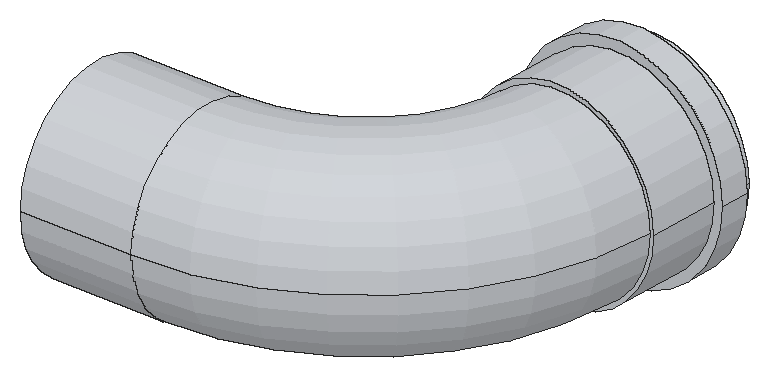
Revit family "Dobrado 87 Graus - PVC - SW", category Conexões de tubo, Revit 2019
Family settings
  Cota do conector redondo = Usar raio
  Tipo de parte = Cotovelo
  ID de item do Seek = Elbow - Generic-0000-CAN-ENU
  Com base no plano de trabalho = Não
  Sempre na vertical = Sim
  Corte com vazios quando carregada = Não
  Compartilhado = Não
Parameters (values of type "Padrão")
  Tamanho da marca de revisão [instance] = Diâmetro externo da conexão * 0.4  # 17.6 mm
  Espessura do anel elevado [instance] = Profundidade do soquete * 0.12  # 3.12 mm
  Raio nominal [instance] = 20 mm
  Diâmetro nominal [instance] = Raio nominal * 2  # 40 mm
  Método de perda = Não definido
  Nome da tabela de pesquisa = "BR_Bend 87 Deg - PVC - SW"
  K Coefficient Table = (empty or 0)
  Raio externo da conexão [instance] = Diâmetro externo da conexão / 2  # 22 mm
  Diâmetro externo da conexão [instance] = size_lookup(Nome da tabela de pesquisa, "FOD", 1.0362 * Diâmetro nominal + 2.30 mm, Diâmetro nominal)  # 44 mm
  Description = ""
  Centro para o soquete [instance] = Raio do centro * tan(Ângulo / 2)  # 44.981 mm
  Raio do centro [instance] = size_lookup(Nome da tabela de pesquisa, "CRad", 1.1766 * Diâmetro nominal + 1.40 mm, Diâmetro nominal)  # 47.4 mm
  Espessura do anel [instance] = Profundidade do soquete * 0.25  # 6.5 mm
  Profundidade do soquete [instance] = size_lookup(Nome da tabela de pesquisa, "SDpt", 0.6619 * Diâmetro nominal - 1.80 mm, Diâmetro nominal)  # 26 mm
  Raio externo do anel [instance] = Raio externo do soquete * 1.1  # 25.41 mm
  Raio externo do soquete [instance] = Raio externo da conexão * 1.05  # 23.1 mm
  Ângulo [instance] = 87.00°
Reference planes
  plane 1 "Centro (Frente/Trás)": y = 0
  plane 2: z = 0
  plane 3 "Centro (Esquerda/Direita)": x = 0
  plane 4: x = -44.981
  plane 5: y = 47.4
  plane 6: y = 17.6
  plane 7: y = -17.6
Forms (mm)
  Sweep 1, solid, detail levels fine
    path in 3D
      loop
        line (-70.981, 0, 0) -> (-44.981, 0, 0)
        arc (-44.981, 0, 0) -> (-12.353, 13.017, 0) -> (2.354, 44.919, 0) r 47.4
    profile origin (-12.353, 13.017, 0) x (-0.688355, 0.725374, 0) y (0, 0, 1)
      loop
        circle (0, 0) r 22
  Sweep 2, solid, detail levels fine
    path in 3D
      loop
        line (2.354, 44.919, 0) -> (3.715, 70.884, 0)
    profile origin (3.034, 57.901, 0) x (-0.99863, 0.052336, 0) y (0, 0, 1)
      loop
        circle (0, 0) r 23.1
  Sweep 3, solid, detail levels fine
    path origin (0, 0, 0) x (1, 0, 0) y (0, 1, 0)
      loop
        line (3.552, 67.768) -> (3.211, 61.277)
    profile origin (3.381, 64.522, 0) x (0.99863, -0.052336, 0) y (0, 0, 1)
      loop
        circle (0, 0) r 25.41
Cuts and joins
  joined: Sweep 1, Sweep 2, Sweep 3
Lines and regions (mm)
  reference lines
    curve 1: line (-44.981, 47.4, 0) -> (-0.592, 45.074, 0)
    curve 2: arc (-44.981, 0, 0) -> (-12.353, 13.017, 0) -> (2.354, 44.919, 0) r 47.4
    curve 3: line (0, 0, 0) -> (0.997, 19.024, 0)
    curve 4: line (-15.222, 45.84, 0) -> (-17.327, 5.673, 0)
    curve 5: line (17.576, -0.921, 0) -> (19.93, 43.998, 0)
    curve 8: line (-44.981, 0, 0) -> (-70.981, 0, 0)
    curve 9: line (2.354, 44.919, 0) -> (3.715, 70.884, 0)
    curve 11: line (3.715, 70.884, 0) -> (3.375, 64.393, 0)
  model lines, detail levels coarse+medium
    curve 6: arc (-44.981, 0, 0) -> (-12.353, 13.017, 0) -> (2.354, 44.919, 0) r 47.4
    curve 12: line (-70.981, -17.6, 0) -> (-70.981, 17.6, 0)
    curve 13: line (-44.981, 0, 0) -> (-70.981, 0, 0)
    curve 14: line (-13.861, 71.805, 0) -> (21.291, 69.963, 0)
    curve 15: line (2.354, 44.919, 0) -> (3.715, 70.884, 0)
  sketch lines
    curve 7: arc (-44.981, 0, 0) -> (-12.353, 13.017, 0) -> (2.354, 44.919, 0) r 47.4
    curve 10: line (2.354, 44.919, 0) -> (3.715, 70.884, 0)
    curve 16: line (-44.981, 0, 0) -> (-70.981, 0, 0)
Dimensions and locks
  "Centro para o soquete": plane 4 to plane 3 "Centro (Esquerda/Direita)"
  "Raio do centro": plane 5 to plane 1 "Centro (Frente/Trás)"
  "Tamanho da marca de revisão": plane 6 to plane 1 "Centro (Frente/Trás)"
  "Tamanho da marca de revisão": plane 7 to plane 1 "Centro (Frente/Trás)"
  "Tamanho da marca de revisão": curve 3 to curve 4
  "Tamanho da marca de revisão": curve 5 to curve 3
  "Profundidade do soquete": curve 9 to curve 9
  "Profundidade do soquete": curve 8 to curve 8
  "Espessura do anel": curve 11 to curve 11
  "Espessura do anel elevado": Sweep 3 sketch curve to curve 14
  "Espessura do anel": Sweep 3 sketch curve to Sweep 3 sketch curve
  "Raio do centro": radius of curve 2
  "Raio externo da conexão": radius of Sweep 1 sketch curve
  "Raio externo do soquete": radius of Sweep 2 sketch curve
  "Raio externo do anel": radius of Sweep 3 sketch curve
  "Ângulo": angle plane 4 to curve 1
  "Ângulo": angle curve 2 to curve 2
  "Ângulo": angle plane 1 "Centro (Frente/Trás)" to curve 3
  "Ângulo": angle curve 6 to curve 6
  angle curve 9 to curve 1 = 90.00°
  angle curve 11 to curve 1 = 90.00°
  angle curve 14 to curve 5 = 90.00°
  angle curve 15 to curve 1 = 90.00°
  "Ângulo": angle plane 1 "Centro (Frente/Trás)" to Sweep 3 sketch curve
  aligned and locked: plane 4 to curve 1
  aligned and locked: plane 5 to curve 1
  aligned and locked: plane 5 to curve 2
  aligned and locked: plane 4 to curve 2  (x2)
  aligned and locked: plane 1 "Centro (Frente/Trás)" to curve 3
  aligned and locked: plane 3 "Centro (Esquerda/Direita)" to curve 3
  aligned and locked: curve 6 to curve 2
  aligned and locked: plane 6 to curve 12
  aligned and locked: plane 7 to curve 12
  aligned and locked: curve 5 to curve 14
  aligned and locked: curve 14 to curve 4
  aligned and locked: curve 14 to curve 11
  aligned and locked: curve 11 to Sweep 3 sketch curve
  aligned and locked: curve 12 to curve 8
Automatic sketch dimensions
  Sweep 1 sketch curve to profile plane = 0.00 mm
  profile plane to Sweep 1 sketch curve = 0.00 mm
  curve 1 to curve 5 = 0.00 mm
  curve 1 to curve 4 = 0.00 mm
  curve 3 to curve 5 = 0.00 mm
  curve 4 to curve 1 = 40.222 mm
  Sweep 2 sketch curve to profile plane = 0.00 mm  (x2)
  Sweep 3 sketch curve to level = 0.00 mm
  profile plane to Sweep 3 sketch curve = 0.00 mm
Connectors
  piping at (-70.981, 0, 0), diameter 40, driven by "Raio nominal", driven by "Ângulo"
    settings: on cut or joined group of Sweep 1, Sweep 2, Sweep 3, index 1, connector inside diameter 40 mm, connector length 0.00 mm, flow factor 0, pipe flow 0.0 L/s, pressure drop 0.0 Pa, fitting loss kfactor 0, connector angle 87.00°, fixture units 0, engagement length 0.00 mm, angle of deflection 0.00°, flow configuration 0, flow direction 0, fitting loss method 0, system type 28, joint type 0, gender type 0, connector reference index 2, connector utility 0, adjustable connector no, is connector primary yes, connector description ""
  piping at (3.715, 70.884, 0), diameter 40, driven by "Raio nominal", driven by "Ângulo"
    settings: on cut or joined group of Sweep 1, Sweep 2, Sweep 3, index 2, connector inside diameter 40 mm, connector length 0.00 mm, flow factor 0, pipe flow 0.0 L/s, pressure drop 0.0 Pa, fitting loss kfactor 0, connector angle 87.00°, fixture units 0, engagement length 0.00 mm, angle of deflection 0.00°, flow configuration 0, flow direction 0, fitting loss method 0, system type 28, joint type 0, gender type 0, connector reference index 1, connector utility 0, adjustable connector no, is connector primary no, connector description ""
